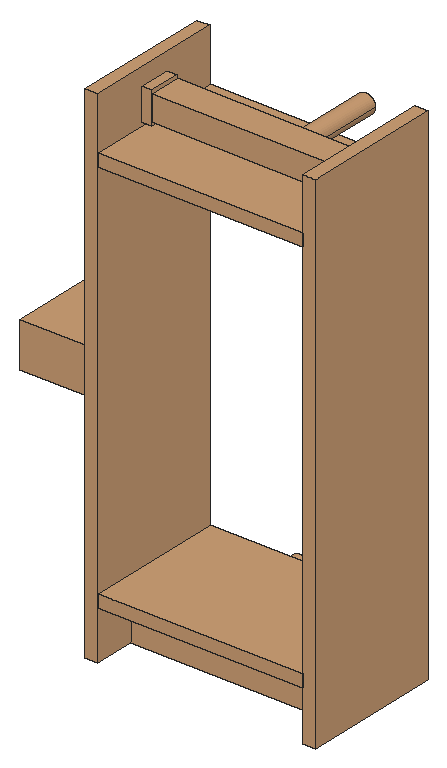
Revit family
Parameters
  Center Of Unit = 0' - 0"  # constant formula
  Water Pressure Drop [instance] = 0.00 psi
  Water Flow [instance] = 0 GPM
  Unit Weight (lbs) = 397
  URL = "http://www.ljwing.com/"
  Water Outlet Radius = 0' - 1 1/2"
  Water Outlet Odd sizes = 0' - 5 23/64"
  Total Heating Capacity [instance] = 0.0 Btu/h
  Temperature Rise [instance] = 0 °F
  Series = "VIFB"
  Outlet Area = 13.50 SF
  Number of Rows = 1  # constant formula
  Number of Coils [instance] = 0
  Nominal Length = 3' - 0 3/16"
  Model = "VD-3"
  Manufacturer = "LJ Wing"
  Leaving Water Temperature [instance] = 0 °F
  Leaving Air Temperature [instance] = 0 °F
  Face Velocity (FPM) [instance] = 0
  Entering Water Temperature [instance] = 0 °F
  Entering Air Temperature [instance] = 0 °F
  Description = "Vertical Integral Face & Bypass Water Heating Coils"
  Hot Water Odd Sizes = 0' - 5 23/64"
  Hot Water Inlet Offset = 0' - 4 3/8"  # constant formula
  Hot Water Inlet  Radius = 0' - 1 1/2"
  Coil Face Area = Outlet Area * 0.56  # 7.56 SF
  Casing Material = ""
  Assembly Code = "D3020300"
  Air Pressure Drop [instance] = 0.00 in-wg
  Air Inlet Width = Nominal Length - 0' 4"  # 2' - 8 3/16"
  Air Inlet Height = Y  # 5' - 0"
  Air Flow [instance] = 0 CFM
  Z = 0' - 3 3/4"
  Y = 5' - 0"
  S = 0' - 9 3/4"
  Product URL = "http://www.ljwing.com/html/vifb.asp"
  OmniClass = "23-75 70 21 14"
  Nominal Height = 6' - 8"
  Nominal Depth = 1' - 10"
  R = 0' - 10 1/4"
  Q = 0' - 3 3/32"
  P = 0' - 5 1/8"
  L = 0' - 5 15/16"
Reference planes (in)
  plane 1 "Center (Front/Back)": y = 0
  plane 2: z = -30
  plane 3 "Center (Left/Right)": x = 0
  plane 4: z = 40.25
  plane 5: x = -18.09375
  plane 6: x = 18.09375
  plane 7: z = -39.75
  plane 8: z = 0
  plane 9: y = -11
  plane 10: y = 11
  plane 11: z = 30
  plane 12: z = 32
  plane 13: z = -32
  plane 14: x = 16.09375
  plane 15: x = -16.09375
  plane 16: z = 35.125
  plane 17: z = -33.8125
  plane 18: x = -15
  plane 19: x = 15
  plane 20: y = 14.75
  plane 21: y = 15.375
  plane 22: x = -29.09375
  plane 23: x = 5.35938
  plane 24: x = -5.35937
  plane 25: z = 37.125
  plane 26: z = 33.125
  plane 27: y = -2.5
  plane 28: y = 2.5
  plane 29: y = -4.5
Forms (in)
  Extrusion 1, solid, material "Painted Finish"
    sketch origin (0, 6, -9.75) x (1, 0, 0) y (0, 0, 1)
      loop
        line (-18.09375, -30) -> (-16.09375, -30) -> (-16.09375, 50) -> (-18.09375, 50) -> (-18.09375, -30)
      loop
        line (18.09375, -30) -> (18.09375, 50) -> (16.09375, 50) -> (16.09375, -30) -> (18.09375, -30)
    from -5 to 17
  Extrusion 2, solid, material "Painted Finish"
    sketch origin (0, 6, 0) x (1, 0, 0) y (0, 0, 1)
      loop
        line (16.09375, -30) -> (-16.09375, -30) -> (-16.09375, -32) -> (16.09375, -32) -> (16.09375, -30)
      loop
        line (16.09375, 30) -> (16.09375, 32) -> (-16.09375, 32) -> (-16.09375, 30) -> (16.09375, 30)
    from -5 to 17
  Extrusion 3, solid, material "Painted Finish"
    sketch origin (0, 10, -0.5) x (1, 0, 0) y (0, 0, 1)
      loop
        line (-18.09375, 4) -> (-29.09375, 4) -> (-29.09375, -3) -> (-18.09375, -3) -> (-18.09375, 4)
    from 0 to 20
  Extrusion 4, solid, material "Painted Finish"
    sketch origin (0, 6, 0) x (1, 0, 0) y (0, 0, 1)
      loop
        line (-14.46875, 37.125) -> (-14.46875, 33.125) -> (14.46875, 33.125) -> (14.46875, 37.125) -> (-14.46875, 37.125)
    from 3.5 to 8.5
  Extrusion 5, solid, material "Painted Finish"
    sketch origin (0, 0, 0) x (1, 0, 0) y (0, 0, 1)
      loop
        line (-14.46875, 32.625) -> (-14.46875, 37.625) -> (-16.09375, 37.625) -> (-16.09375, 32.625) -> (-14.46875, 32.625)
      loop
        line (16.09375, 32.625) -> (16.09375, 37.625) -> (14.46875, 37.625) -> (14.46875, 32.625) -> (16.09375, 32.625)
    from -2.5 to 2.5
  Extrusion 6, solid, material "Painted Finish"
    sketch origin (0, 23, 0) x (1, 0, 0) y (0, 0, 1)
      loop
        circle (5.35938, 35.125) r 1.5
    from 8.25 to 20.5
  Extrusion 7, solid, material "Painted Finish"
    sketch origin (0, 6, 0) x (1, 0, 0) y (0, 0, 1)
      loop
        line (-16.09375, -32) -> (-16.09375, -39.75) -> (16.09375, -39.75) -> (16.09375, -32) -> (-16.09375, -32)
    from -5 to 10.5
  Extrusion 8, solid, material "Painted Finish"
    sketch origin (0, 23, 0) x (1, 0, 0) y (0, 0, 1)
      loop
        circle (-5.35937, -33.8125) r 1.5
    from 7.625 to 12
  Extrusion 9, void
    sketch origin (0, 0, 0) x (1, 0, 0) y (0, 0, 1)
      loop
        line (-16.09375, 30) -> (-16.09375, -30) -> (16.09375, -30) -> (16.09375, 30) -> (-16.09375, 30)
    from -11 to 11
Cuts and joins
  Extrusion 9 cuts Extrusion 1
  Extrusion 9 cuts Extrusion 2
Dimensions and locks (in)
  "Nominal Length": plane 6 to plane 5
  equal spacing: plane 6, plane 3 "Center (Left/Right)", plane 5
  "S": plane 2 to plane 7
  "Nominal Depth": plane 10 to plane 9
  equal spacing: plane 10, plane 1 "Center (Front/Back)", plane 9
  "Y": plane 11 to plane 2
  "R": plane 4 to plane 11
  locked: plane 12 to plane 11 at 2
  locked: plane 2 to plane 13 at 2
  "P": plane 4 to plane 16
  "L": plane 17 to plane 7
  "Q": plane 18 to plane 5
  "Q": plane 6 to plane 19
  "Z": plane 20 to plane 10
  "Hot Water Inlet Offset": plane 21 to plane 10
  locked: plane 5 to plane 22 at 11
  locked: Extrusion 3 sketch curve to Extrusion 3 sketch curve at 7
  locked: Extrusion 3 to Extrusion 3 at 20
  locked: plane 6 to plane 14 at 2
  locked: plane 15 to plane 5 at 2
  "Water Outlet Odd sizes": plane 23 to plane 3 "Center (Left/Right)"
  "Hot Water Odd Sizes": plane 3 "Center (Left/Right)" to plane 24
  equal spacing: plane 25, plane 16, plane 26
  locked: Extrusion 5 sketch curve to plane 25 at 0.5
  locked: plane 26 to Extrusion 5 sketch curve at 0.5
  locked: Extrusion 6 sketch curve to plane 16 at 0
  locked: Extrusion 6 sketch curve to plane 23 at 0
  locked: Extrusion 8 sketch curve to plane 17 at 0
  locked: Extrusion 8 sketch curve to plane 24 at 0
  locked: plane 25 to plane 26 at 4
  locked: plane 28 to plane 27 at 5
  equal spacing: plane 28, plane 1 "Center (Front/Back)", plane 27
  locked: plane 27 to plane 29 at 2
  plane 4 to plane 7 = 6' - 8"
  locked: Extrusion 5 sketch curve to Extrusion 1 at 1.625
  locked: Extrusion 5 sketch curve to Extrusion 5 sketch curve at 1.625
  locked: Extrusion 9 sketch curve to plane 11 at 0
  locked: Extrusion 9 sketch curve to plane 15 at 0
  locked: Extrusion 9 sketch curve to plane 14 at 0
  locked: Extrusion 9 sketch curve to plane 2 at 0
  equal spacing: plane 11, plane 8, plane 2
  "Water Outlet Radius": radius of Extrusion 6 sketch curve
  "Hot Water Inlet  Radius": radius of Extrusion 8 sketch curve
  aligned and locked: Extrusion 1 to plane 9
  aligned and locked: Extrusion 1 to plane 10
  aligned and locked: Extrusion 1 to plane 15
  aligned and locked: Extrusion 1 to plane 14
  aligned and locked: Extrusion 2 to plane 9
  aligned and locked: plane 9 to Extrusion 1
  aligned and locked: plane 10 to Extrusion 1  (x2)
  aligned and locked: Extrusion 2 to plane 10
  aligned and locked: plane 10 to Extrusion 2  (x2)
  aligned and locked: plane 9 to Extrusion 2  (x2)
  aligned and locked: plane 5 to Extrusion 3
  aligned and locked: Extrusion 5 sketch curve to plane 15
  aligned and locked: Extrusion 5 sketch curve to Extrusion 4
  aligned and locked: Extrusion 6 to plane 20
  aligned and locked: Extrusion 1 to Extrusion 7
  aligned and locked: Extrusion 8 to plane 10
  aligned and locked: plane 21 to Extrusion 8
  aligned and locked: plane 27 to Extrusion 5
  aligned and locked: Extrusion 5 to Extrusion 4  (x2)
  aligned and locked: Extrusion 5 to plane 28
  aligned and locked: Extrusion 6 to Extrusion 4
  aligned and locked: Extrusion 7 to plane 29  (x2)
  aligned and locked: Extrusion 8 to Extrusion 7
  aligned and locked: Extrusion 4 to Extrusion 5  (x2)
  aligned and locked: Extrusion 5 to Extrusion 1  (x2)
  aligned and locked: plane 2 to Extrusion 2
  aligned and locked: Extrusion 1 sketch curve to plane 6
  aligned and locked: Extrusion 1 sketch curve to plane 14
  aligned and locked: Extrusion 1 sketch curve to plane 15
  aligned and locked: Extrusion 1 sketch curve to plane 5
  aligned and locked: plane 7 to Extrusion 1 sketch curve  (x2)
  aligned and locked: Extrusion 1 sketch curve to plane 4  (x2)
  aligned and locked: Extrusion 2 sketch curve to plane 11
  aligned and locked: Extrusion 2 sketch curve to plane 12
  aligned and locked: Extrusion 2 sketch curve to plane 14  (x2)
  aligned and locked: Extrusion 2 sketch curve to plane 15  (x2)
  aligned and locked: Extrusion 2 sketch curve to plane 13
  aligned and locked: plane 2 to Extrusion 2 sketch curve
  aligned and locked: plane 13 to Extrusion 7 sketch curve
  aligned and locked: Extrusion 7 sketch curve to plane 7
  aligned and locked: Extrusion 7 sketch curve to plane 14
  aligned and locked: Extrusion 7 sketch curve to plane 15
  aligned and locked: cut or joined group of Extrusion 1, Extrusion 9 to plane 10
  aligned and locked: Extrusion 8 to plane 21
Automatic sketch dimensions
  Extrusion 3 sketch curve to plane 22 = 0' - 0"
  Extrusion 3 sketch curve to plane 5 = 0' - 0"
  plane 8 to Extrusion 3 sketch curve = 0' - 3 1/2"
  Extrusion 4 sketch curve to plane 25 = 0' - 0"
  Extrusion 4 sketch curve to plane 26 = 0' - 0"
  plane 18 to Extrusion 4 sketch curve = 0' - 0 17/32"
  Extrusion 4 sketch curve to plane 19 = 0' - 0 17/32"
  plane 26 to Extrusion 5 sketch curve = 0' - 0 1/2"
  Extrusion 5 sketch curve to plane 25 = 0' - 0 1/2"
Connectors (in)
  hvac at (0, -11, 0), driven by "Air Inlet Height", driven by "Air Inlet Width", driven by "Air Flow", driven by "Air Pressure Drop"
    settings: on Extrusion 9, index 1
  hvac at (0, 11, 0), driven by "Air Pressure Drop", driven by "Air Inlet Height", driven by "Air Inlet Width", driven by "Air Flow"
    settings: on Extrusion 9, index 2
  piping at (5.35938, 14.75, 35.125), driven by "Water Flow", driven by "Water Outlet Radius", driven by "Water Pressure Drop"
    settings: on Extrusion 6, index 3
  piping at (-5.35937, 15.375, -33.8125), driven by "Water Flow", driven by "Water Pressure Drop", driven by "Hot Water Inlet  Radius"
    settings: on Extrusion 8, index 4
